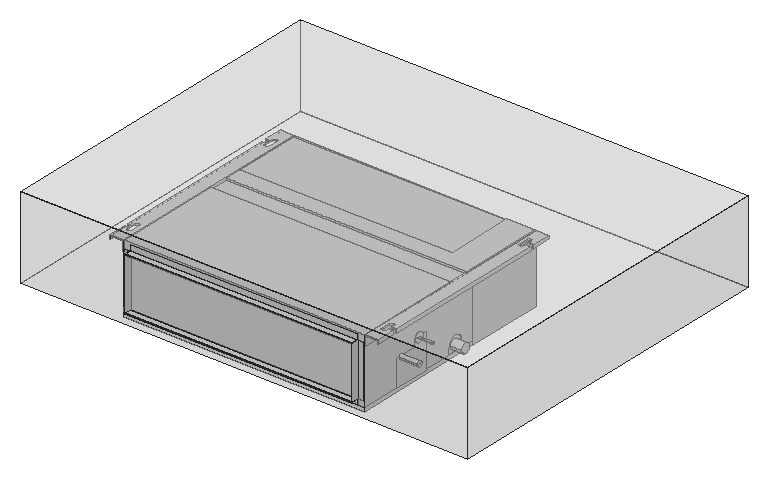
Revit family "outputfile", category 機械設備, Revit 2024
Family settings
  丸型コネクタ寸法 = 半径を使用
  パーツ タイプ = 標準
  OmniClass 番号 = 23.75.10.24.21.27.27
  OmniClass タイトル = Split System Air Conditioning Units
  作業面ベース = いいえ
  常に垂直 = はい
  ロード時にボイドで切り取り = いいえ
  注釈の向きを維持 = いいえ
  共有 = いいえ
  部屋計算ポイント = はい
Parameters (values of type "FXDQ20PDVTS")
  Description = ""
  製造元 = "Daikin"
  書き出し IFC クラス(タイプ) = "IfcUnitaryEquipmentType"
  定義済み IFC タイプ(タイプ) = "AIRCONDITIONINGUNIT"
  Cost = 0
  モデル = "FXDQ20PDVTS"
  Type Comments = ""
  Keynote = ""
  Type Image = (empty or 0)
  Assembly Code = ""
  w_pipe = 33.0 mm
  r_Liquid Pipe Size = Liquid Pipe Size / 2  # 3.2 mm
  r_Gas Pipe Size = Gas Pipe Size / 2  # 6.35 mm
  r_Drain Pipe Size = Drain Pipe Size / 2  # 10.0 mm
  lw_powersupply = 304.0 mm
  lh_suctionflange [instance] = if(Rear Connection_Return Air, 100.0 mm + [h***], 190.0 mm + [h***])  # 100.0 mm
  ld_suctionflange [instance] = if(Rear Connection_Return Air, 190.0 mm, 100.0 mm)  # 190.0 mm
  ld_powersupply = 60.0 mm
  angle_vertical_RA [instance] = if(Rear Connection_Return Air, 90.00°, 0.00°)  # 90.00°
  angle horizontal_RA [instance] = if(Rear Connection_Return Air, 180.00°, 270.00°)  # 180.00°
  Voltage_comment_50Hz = "220-240"
  Voltage_50Hz = 220 V
  URL = ""
  Supply Air Direction [instance] = yes
  Sound Power Level_H speed (dB) = 54
  Rear Connection_Return Air [instance] = not(Bottom Connection_Return Air)  # yes
  RA_length = 190.0 mm  # constant formula
  Phase_50Hz = 1
  Minimum External Static Pressure = 10.00 Pa
  Minimum Circuit Amps_50Hz = 0.7 A
  Maximum Fuse Amps_50Hz = 16.0 A
  Maximum External Static Pressure = 30.00 Pa
  Material_Casing = DAIKIN_GalvanizedSteel_Casing_indoorunit
  lw_liquidpipe = 46.0 mm  # constant formula
  lw_gaspipe = 57.0 mm  # constant formula
  lw_mountinghole_pitch = 740.0 mm  # constant formula
  lw_mountinghole = 20.0 mm  # constant formula
  lw_drainpipe = 33.0 mm  # constant formula
  lh_powersupply = 10.0 mm
  lh_liquidpipe = 110.0 mm
  lh_gaspipe = 87.0 mm
  lh_mountinghole = Height + [h***]  # 200.0 mm
  lh_drainpipe = 30.0 mm
  lh_antena = 1.0 mm  # constant formula
  ld_liquidpipe = 193.0 mm  # constant formula
  ld_gaspipe = 130.0 mm  # constant formula
  ld_mountinghole_pitch = 500.0 mm  # constant formula
  ld_drainpipe = 280.0 mm
  ld_controlbox = 626.0 mm  # constant formula
  h*** = 0.0 mm  # constant formula
  d_dischargeflange = 21.2 mm  # constant formula
  Width = 700.0 mm
  Version = "ver.1.0"
  Unit Type = "Slim Duct (Standard) Type"
  Unit Mass Weight = 23.00 kg
  Unit Designation [instance] = ""
  Uniclass2015Version = "Products v1.30"
  Uniclass2015Title = "Variable refrigerant flow units"
  Uniclass2015Code = "Pr_70_65_03_94"
  Total Heating Capacity [instance] = 0.000 kW
  Total Cooling Capacity [instance] = 0.000 kW
  Sound Pressure Level_M speed (dBA) = 0
  Sound Pressure Level_L speed (dBA) = 23
  Sound Pressure Level_H speed (dBA) = 28
  Series = "VRV Fan Coil Unit"
  Sensible Cooling Capacity [instance] = 0.000 kW
  SA Duct Size Width = 660.0 mm
  SA Duct Size Height = 153.0 mm
  Refrigerant Type = "R410A"
  RA Duct Size Width = 600.0 mm
  RA Duct Size Height = 180.0 mm
  Power Input (Heating) = 0.067 kW
  Power Input (Cooling) = 0.067 kW
  Option Accessory 3 [instance] = ""
  Option Accessory 2 [instance] = ""
  Option Accessory 1 [instance] = ""
  Nominal Heating Capacity = 2.500 kW
  Nominal Cooling Capacity = 2.200 kW
  Minimum Airflow = 384.00 m³/h
  Median Airflow = 432.00 m³/h
  Maximum Airflow = 480.00 m³/h
  Load Classification = HVAC
  Liquid Pipe Size = 6.4 mm
  Link_Nested Family [instance] = ""
  IfcVersion = "0"
  IfcExportType = "AIRCONDITIONINGUNIT"
  IfcExportAs = "IfcUnitaryEquipmentType"
  Height = 200.0 mm
  Heating Entering Wet Bulb Temperature [instance] = 0.00 °C
  Heating Entering Dry Bulb Temperature [instance] = 0.00 °C
  Heating Ambient Wet Bulb Temperature [instance] = 0.00 °C
  Heating Ambient Dry Bulb Temperature [instance] = 0.00 °C
  Heat Exchanger Type = "Cross Fin Coil"
  Gas Pipe Size = 12.7 mm
  Frequency_50Hz = 50 Hz
  Fan Type = "Sirocco Fan"
  Fan Drive = "Direct Drive"
  FCU Tag No. [instance] = ""
  Drain Pipe Size = 20.0 mm
  Design Supply Airflow [instance] = 0.00 m³/h
  Design Return Airflow [instance] = 0.00 m³/h
  Design External Static Pressure [instance] = 0.00 Pa
  Depth = 620.0 mm
  既定の高さ = 0.0 mm
  Cooling Entering Wet Bulb Temperature [instance] = 0.00 °C
  Cooling Entering Dry Bulb Temperature [instance] = 0.00 °C
  Cooling Ambient Wet Bulb Temperature [instance] = 0.00 °C
  Cooling Ambient Dry Bulb Temperature [instance] = 0.00 °C
  Clearance visibility [instance] = yes
  Clearance Top = 20.0 mm
  Clearance Right = 300.0 mm
  Clearance Rear = 400.0 mm
  Clearance Left = 300.0 mm
  Clearance Front = 0.0 mm
  Clearance Bottom = 20.0 mm
  Bottom Connection_Return Air [instance] = no
Reference planes
  plane 1 "Center (Front/Back)": y = 0
  plane 2: z = 0
  plane 3 "Center (Left/Right)": x = 0
  plane 4 "Back": y = 310
  plane 5 "Front": y = -310
  plane 6 "Left": x = -350
  plane 7 "Right": x = 350
  plane 8 "Top": z = 0
  plane 9 "Bottom": z = -200
  plane 10: x = 330
  plane 11: x = -330
  plane 12: z = -190
  plane 13: z = -6
  plane 14: z = -22
  plane 15: z = -90
  plane 16: z = -113
  plane 17: x = -304
  plane 18: x = 304
  plane 19: x = -370
  plane 20: x = 370
  plane 21: y = -250
  plane 22: y = 250
  plane 23: x = -390
  plane 24: x = 390
  plane 25: x = 396
  plane 26: x = 407
  plane 27: x = 383
  plane 28: z = 0
  plane 29: z = -170
  plane 30 "Clearance Left": x = -650
  plane 31 "Clearance Right": x = 650
  plane 32 "Clearance Rear": y = 710
  plane 33 "Clearance Front": y = -310
  plane 34 "Clearance Top": z = 20
  plane 35 "Clearance Bottom": z = -220
  plane 36: z = -21
  plane 37: z = -170
  plane 38: z = -96.5
  plane 39: x = -40
  plane 40: y = -180
  plane 41: y = -117
  plane 42: y = -30
  plane 43: y = 20
  plane 44: z = -97.5
  plane 45: y = -309
  plane 46: x = -349
  plane 47: z = -100
  plane 48: z = -30
  plane 49: y = 210
  plane 50: z = 301
  plane 51: z = -199
  plane 52: y = 120
  plane 53: z = -101
  plane 54: x = 380
  plane 55: z = 11
  plane 56: z = 102.5
Forms (mm)
  Extrusion 1, solid
    sketch origin (0, 0, 0) x (1, 0, 0) y (0, 0, 1)
      loop
        line (-350, -190) -> (-350, -200) -> (350, -200) -> (350, -190) -> (-350, -190)
    from -84 to 310
  Extrusion 2, solid, material "DAIKIN_GalvanizedSteel_Casing_indoorunit" <- "Material_Casing"
    sketch origin (0, 0, 0) x (1, 0, 0) y (0, 1, 0)
      loop
        line (-350, -309) -> (350, -309) -> (350, 310) -> (-350, 310) -> (-350, -309)
    from -200 to 0
  Extrusion 3, void
    sketch origin (0, 0, 1) x (1, 0, 0) y (0, 1, 0)
      loop
        line (-350, 62.179) -> (-350, 4.179) -> (350, 4.179) -> (350, 62.179) -> (-350, 62.179)
    from -1 to -7
  Extrusion 4, void
    sketch origin (0, 0, 0) x (0, 1, 0) y (0, 0, 1)
      loop
        line (-5, -190) -> (45, -190) -> (45, -170)
        arc (45, -170) -> (20, -145) -> (-5, -170) r 25
        line (-5, -170) -> (-5, -190)
    from 350 to 345
  Revolve 5, solid, material "DAIKIN_GalvanizedSteel_Casing_indoorunit" <- "Material_Casing"
    sketch origin (0, 0, -113) x (0, -1, 0) y (1, 0, 0)
      loop
        line (173.65, 351) -> (180, 351) -> (180, 407) -> (173.65, 407) -> (173.65, 351)
      axis (180, 351) -> (180, 407)
    angle from 0 to 360
  Revolve 6, solid, material "DAIKIN_GalvanizedSteel_Casing_indoorunit" <- "Material_Casing"
    sketch origin (0, 0, -90) x (0, -1, 0) y (1, 0, 0)
      loop
        line (117, 351) -> (117, 396) -> (113.8, 396) -> (113.8, 351) -> (117, 351)
      axis (117, 396) -> (117, 351)
    angle from 0 to 360
  Extrusion 7, solid, material "DAIKIN_GalvanizedSteel_Casing_indoorunit" <- "Material_Casing"
    sketch origin (0, 0, 0) x (0, 1, 0) y (0, 0, 1)
      loop
        circle (-116, -90) r 12.7
    from 350 to 355.007
  Extrusion 8, solid, material "DAIKIN_GalvanizedSteel_Casing_indoorunit" <- "Material_Casing"
    sketch origin (0, 0, 0) x (0, 1, 0) y (0, 0, 1)
      loop
        circle (20, -170) r 13
    from 345 to 380
  Extrusion 9, solid, material "DAIKIN_GalvanizedSteel_Casing_indoorunit" <- "Material_Casing"
    sketch origin (0, 0, 0) x (1, 0, 0) y (0, 0, 1)
      loop
        line (-350, -190) -> (-350, -200) -> (350, -200) -> (350, -190) -> (-350, -190)
    from -84 to 310
  Extrusion 10, solid, material "DAIKIN_GalvanizedSteel_Casing_indoorunit" <- "Material_Casing", visible <- "Bottom Connection_Return Air"
    sketch origin (0, 0, 0) x (1, 0, 0) y (0, 0, 1)
      loop
        line (269, -200) -> (269, -1) -> (-349, -1) -> (-349, -200) -> (269, -200)
    from -310 to -309
  Extrusion 11, void
    sketch origin (0, 0, 0) x (1, 0, 0) y (0, 0, 1)
      loop
        line (269, 0) -> (-349, 0) -> (-349, -1) -> (269, -1) -> (269, 0)
    from -310 to -111
  Extrusion 12, solid, material "DAIKIN_GalvanizedSteel_Casing_indoorunit" <- "Material_Casing", visible <- "Rear Connection_Return Air"
    sketch origin (0, 0, 0) x (1, 0, 0) y (0, 1, 0)
      loop
        line (-349, 310) -> (-349, 111) -> (269, 111) -> (269, 310) -> (-349, 310)
    from -200 to -199
  Extrusion 13, solid, material "DAIKIN_GalvanizedSteel_Casing_indoorunit" <- "Material_Casing"
    sketch origin (0, 0, 0) x (0, 1, 0) y (0, 0, 1)
      loop
        line (-194, -113) -> (-194, -190) -> (-88.3, -190) -> (-88.3, -90) -> (-103.3, -90)
        arc (-103.3, -90) -> (-116, -102.7) -> (-128.7, -90) r 12.7
        line (-128.7, -90) -> (-128.7, -113) -> (-173.65, -113)
        arc (-173.65, -113) -> (-180, -119.35) -> (-186.35, -113) r 6.35
        line (-186.35, -113) -> (-194, -113)
    from 351 to 350
  Extrusion 14, solid, material "DAIKIN_GalvanizedSteel_Casing_indoorunit" <- "Material_Casing"
    sketch origin (0, 0, 0) x (0, 1, 0) y (0, 0, 1)
      loop
        line (84, -199) -> (310, -199) -> (310, -22) -> (91, -22) -> (84, -29) -> (84, -199)
    from 351 to 350
Cuts and joins
  Extrusion 3, Extrusion 4, Extrusion 11 cuts Extrusion 2
  Extrusion 4 cuts Extrusion 1
  Extrusion 11 cuts Extrusion 9
Dimensions and locks
  "lh_powersupply": plane 12 to plane 9 "Bottom"
  locked: plane 8 "Top" to plane 13 at 6
  "Height": plane 8 "Top" to plane 9 "Bottom"
  equal spacing: plane 17, plane 3 "Center (Left/Right)", plane 18, locked at 304 each
  locked: plane 17 to plane 18 at 608
  equal spacing: plane 19, plane 3 "Center (Left/Right)", plane 20, locked at 370 each
  "lw_mountinghole_pitch": plane 19 to plane 20
  locked: plane 14 to plane 9 "Bottom" at 178
  "lw_mountinghole": plane 23 to plane 19
  "lh_liquidpipe": plane 15 to plane 9 "Bottom"
  "lh_gaspipe": plane 16 to plane 9 "Bottom"
  "lh_mountinghole": plane 28 to plane 9 "Bottom"
  "ld_mountinghole_pitch": plane 22 to plane 21
  equal spacing: plane 6 "Left", plane 3 "Center (Left/Right)", plane 7 "Right", locked at 350 each
  "Width": plane 6 "Left" to plane 7 "Right"
  "lh_drainpipe": plane 29 to plane 9 "Bottom"
  "Clearance Right": plane 7 "Right" to plane 31 "Clearance Right"
  "Clearance Left": plane 30 "Clearance Left" to plane 6 "Left"
  "lw_gaspipe": plane 7 "Right" to plane 26
  "lw_liquidpipe": plane 7 "Right" to plane 25
  "lw_drainpipe": plane 7 "Right" to plane 27
  "Clearance Rear": plane 32 "Clearance Rear" to plane 4 "Back"
  "Clearance Front": plane 5 "Front" to plane 33 "Clearance Front"
  "Clearance Top": plane 34 "Clearance Top" to plane 8 "Top"
  "Clearance Bottom": plane 9 "Bottom" to plane 35 "Clearance Bottom"
  "ld_powersupply": plane 4 "Back" to plane 22
  "lw_powersupply": plane 3 "Center (Left/Right)" to plane 18
  locked: plane 8 "Top" to plane 36 at 21
  locked: plane 8 "Top" to plane 37 at 170
  locked: plane 40 to plane 41 at 63
  locked: plane 38 to plane 9 "Bottom" at 103.5
  locked: plane 36 to plane 44 at 76.5
  "Depth": plane 4 "Back" to plane 5 "Front"
  equal spacing: plane 4 "Back", plane 1 "Center (Front/Back)", plane 5 "Front"
  locked: plane 45 to plane 5 "Front" at 1
  locked: plane 46 to plane 6 "Left" at 1
  Extrusion 10 sketch curve to Extrusion 10 sketch curve = 199.0 mm
  locked: nested 12 to plane 39 at 300
  locked: plane 12 to plane 47 at 90
  plane 32 "Clearance Rear" to Extrusion 10 = 401.0 mm
  locked: plane 48 to plane 35 "Clearance Bottom" at 190
  locked: plane 49 to nested 13 at 90
  plane 50 to plane 28 = 301.0 mm
  locked: plane 51 to plane 9 "Bottom" at 1
  "ld_suctionflange": plane 4 "Back" to plane 52
  locked: plane 53 to plane 9 "Bottom" at 99
  locked: plane 54 to plane 7 "Right" at 30
  aligned and locked: level to plane 2
  aligned and locked: Extrusion 2 to plane 9 "Bottom"
  aligned and locked: plane 8 "Top" to Extrusion 2
  aligned and locked: Revolve 5 sketch curve to Revolve 5 sketch curve
  aligned and locked: plane 15 to Extrusion 7 sketch curve
  aligned and locked: cut or joined group of Extrusion 1, Extrusion 4 to plane 9 "Bottom"
  aligned and locked: plane 24 to nested 1
  aligned and locked: nested 1 to plane 23
  aligned and locked: plane 25 to nested 6
  aligned and locked: nested 6 to plane 15
  aligned and locked: nested 2 to plane 22
  aligned and locked: plane 20 to nested 2
  aligned and locked: plane 20 to nested 3
  aligned and locked: plane 19 to nested 4
  aligned and locked: plane 22 to nested 5
  aligned and locked: nested 5 to plane 22
  aligned and locked: plane 19 to nested 5
  aligned and locked: plane 22 to nested 11
  aligned and locked: plane 18 to nested 11  (x2)
  aligned and locked: nested 11 to plane 18
  aligned and locked: plane 4 "Back" to nested 11
  aligned and locked: cut or joined group of Extrusion 2, Extrusion 3, Extrusion 4, Extrusion 11 to nested 11
  aligned and locked: nested 11 to plane 12
  aligned and locked: plane 8 "Top" to nested 1
  aligned and locked: Extrusion 9 to plane 5 "Front"
  aligned and locked: Extrusion 9 to plane 9 "Bottom"
  aligned and locked: nested 7 to plane 16
  aligned and locked: plane 4 "Back" to nested 1
  aligned and locked: plane 40 to nested 7
  aligned and locked: plane 41 to nested 6
  aligned and locked: Extrusion 8 sketch curve to plane 43
  aligned and locked: nested 12 to plane 46
  aligned and locked: plane 4 "Back" to Extrusion 11
  aligned and locked: Extrusion 12 to nested 13
  aligned and locked: plane 8 "Top" to Extrusion 3
  aligned and locked: Extrusion 10 to cut or joined group of Extrusion 2, Extrusion 3, Extrusion 4, Extrusion 11
  aligned and locked: plane 9 "Bottom" to Extrusion 12  (x2)
  aligned and locked: Extrusion 12 to plane 51
  aligned and locked: plane 4 "Back" to nested 12
  aligned and locked: Extrusion 11 to level
  aligned and locked: plane 32 "Clearance Rear" to nested 14
  aligned and locked: plane 31 "Clearance Right" to nested 14
  aligned and locked: plane 30 "Clearance Left" to nested 14
  aligned and locked: nested 14 to plane 33 "Clearance Front"
  aligned and locked: nested 14 to plane 34 "Clearance Top"
  aligned and locked: nested 14 to plane 35 "Clearance Bottom"
  aligned and locked: plane 7 "Right" to Extrusion 13
  aligned and locked: plane 4 "Back" to Extrusion 14
  aligned and locked: Extrusion 14 to plane 51
  aligned and locked: plane 7 "Right" to Extrusion 14
  aligned and locked: Extrusion 13 to Revolve 5 sketch curve
  aligned and locked: Extrusion 3 to plane 13
  aligned and locked: plane 52 to nested 15
  aligned and locked: Extrusion 11 to nested 13
  aligned and locked: Extrusion 8 to plane 54
  aligned and locked: nested 8 to plane 54
  aligned and locked: plane 43 to nested 8
  aligned and locked: nested 8 to plane 37
  aligned and locked: nested 10 to plane 1 "Center (Front/Back)"
  aligned and locked: plane 46 to Extrusion 10
  aligned and locked: nested 12 to plane 51
  aligned and locked: plane 3 "Center (Left/Right)" to nested 10
  aligned and locked: plane 13 to nested 16
  aligned and locked: plane 45 to nested 16
  aligned and locked: plane 44 to nested 9
  aligned and locked: level to plane 8 "Top"
Automatic sketch dimensions
  Extrusion 1 sketch curve to plane 6 "Left" = 0.0 mm
  Extrusion 1 sketch curve to plane 7 "Right" = 0.0 mm
  Extrusion 1 sketch curve to plane 9 "Bottom" = 0.0 mm
  Extrusion 1 sketch curve to plane 12 = 0.0 mm
  Extrusion 2 sketch curve to plane 4 "Back" = 0.0 mm
  Extrusion 2 sketch curve to plane 6 "Left" = 0.0 mm
  Extrusion 2 sketch curve to plane 7 "Right" = 0.0 mm
  Extrusion 2 sketch curve to plane 45 = 0.0 mm
  Extrusion 3 sketch curve to plane 6 "Left" = 0.0 mm
  Extrusion 3 sketch curve to plane 7 "Right" = 0.0 mm
  Extrusion 3 sketch curve to plane 1 "Center (Front/Back)" = 4.179 mm
  plane 43 to Extrusion 3 sketch curve = 42.179 mm
  Extrusion 4 sketch curve to plane 37 = 0.0 mm
  Extrusion 4 sketch curve to plane 12 = 0.0 mm
  Extrusion 4 sketch curve to plane 43 = 0.0 mm
  plane 1 "Center (Front/Back)" to Extrusion 4 sketch curve = 5.0 mm
  Revolve 6 sketch curve to plane 25 = 0.0 mm  (x2)
  Revolve 6 sketch curve to plane 41 = 0.0 mm  (x2)
  plane 41 to Revolve 6 sketch curve = 3.2 mm
  plane 7 "Right" to Revolve 6 sketch curve = 1.0 mm
  Revolve 6 sketch curve to Revolve 6 sketch curve = 0.0 mm
  plane 41 to Extrusion 7 sketch curve = 1.0 mm
  Extrusion 8 sketch curve to plane 37 = 0.0 mm
  Extrusion 9 sketch curve to plane 6 "Left" = 0.0 mm
  Extrusion 9 sketch curve to plane 7 "Right" = 0.0 mm
  Extrusion 9 sketch curve to plane 9 "Bottom" = 0.0 mm
  Extrusion 9 sketch curve to plane 12 = 0.0 mm
  plane 46 to Extrusion 10 sketch curve = 0.0 mm
  Extrusion 10 sketch curve to plane 18 = 35.0 mm
  plane 46 to Extrusion 11 sketch curve = 0.0 mm
  Extrusion 11 sketch curve to plane 18 = 35.0 mm
  Extrusion 11 sketch curve to plane 8 "Top" = 1.0 mm
  Extrusion 12 sketch curve to plane 46 = 0.0 mm
  Extrusion 12 sketch curve to plane 4 "Back" = 0.0 mm
  Extrusion 12 sketch curve to plane 18 = 35.0 mm
  plane 43 to Extrusion 12 sketch curve = 91.0 mm
  plane 35 "Clearance Bottom" to Extrusion 11 sketch curve = 220.0 mm
  Extrusion 10 sketch curve to plane 51 = 1.0 mm
  Extrusion 13 sketch curve to plane 12 = 0.0 mm
  Extrusion 13 sketch curve to plane 16 = 0.0 mm
  Extrusion 13 sketch curve to plane 40 = 0.0 mm
  Extrusion 13 sketch curve to plane 15 = 0.0 mm
  Extrusion 13 sketch curve to Extrusion 13 sketch curve = 6.35 mm
  Extrusion 13 sketch curve to Extrusion 13 sketch curve = 7.65 mm
  Extrusion 13 sketch curve to plane 41 = 11.7 mm
  plane 41 to Extrusion 13 sketch curve = 1.0 mm
  Extrusion 13 sketch curve to Extrusion 13 sketch curve = 27.7 mm
  Extrusion 14 sketch curve to plane 51 = 0.0 mm
  Extrusion 14 sketch curve to plane 14 = 0.0 mm
  plane 48 to Extrusion 14 sketch curve = 1.0 mm
  plane 43 to Extrusion 14 sketch curve = 64.0 mm
  Extrusion 14 sketch curve to Extrusion 14 sketch curve = 7.0 mm
  Extrusion 14 sketch curve to plane 4 "Back" = 0.0 mm
  Revolve 5 sketch curve to plane 26 = 0.0 mm
  Revolve 5 sketch curve to plane 40 = 0.0 mm
  Revolve 5 sketch curve to Revolve 5 sketch curve = 1.003 mm  (x2)
  plane 40 to Revolve 5 sketch curve = 6.35 mm
  radius of Extrusion 7 sketch curve = 12.7 mm
  radius of Extrusion 8 sketch curve = 13.0 mm
Nested families
  nested 1: "daikin_hangerfixture_FXDQ-PDVTS" at (0, 0.5, 0), type "daikin_hangerfixture_FXDQ-PDVTS"
  nested 2: "daikin_mountinghole" at (370, 250, -200), l_antenna <- "lh_antena", Link_Nested Family <- "Link_Nested Family", h_mountinghole <- "lh_mountinghole", type "daikin_mountinghole"
    with show yes, l_antenna 1.0 mm, h_mountinghole 200.0 mm, Link_Nested Family ""
  nested 3: "daikin_mountinghole" at (370, -250, -200), Link_Nested Family <- "Link_Nested Family", l_antenna <- "lh_antena", h_mountinghole <- "lh_mountinghole", type "daikin_mountinghole"
    with show yes, l_antenna 1.0 mm, h_mountinghole 200.0 mm, Link_Nested Family ""
  nested 4: "daikin_mountinghole" at (-370, -250, -200), l_antenna <- "lh_antena", Link_Nested Family <- "Link_Nested Family", h_mountinghole <- "lh_mountinghole", type "daikin_mountinghole"
    with show yes, l_antenna 1.0 mm, h_mountinghole 200.0 mm, Link_Nested Family ""
  nested 5: "daikin_mountinghole" at (-370, 250, -200), l_antenna <- "lh_antena", Link_Nested Family <- "Link_Nested Family", h_mountinghole <- "lh_mountinghole", type "daikin_mountinghole"
    with show yes, l_antenna 1.0 mm, h_mountinghole 200.0 mm, Link_Nested Family ""
  nested 6: "daikin_connector_rotate2" at (350, -117, -90) x (0, 1, 0) z (0, 0, 1), length <- "lw_liquidpipe", built-in parameter 1001364 <- "lh_liquidpipe", radius <- "r_Liquid Pipe Size", type "daikin_connector_rotate2"
    with radius 3.2 mm, length 46.0 mm, angle_vertical 90.00°, show_face no
  nested 7: "daikin_connector_rotate2" at (350, -180, -113) x (0, 1, 0) z (0, 0, 1), length <- "lw_gaspipe", built-in parameter 1001364 <- "lh_gaspipe", radius <- "r_Gas Pipe Size", type "daikin_connector_rotate2"
    with radius 6.35 mm, length 57.0 mm, angle_vertical 90.00°, show_face no
  nested 8: "daikin_connector_rotate2" at (347, 20, -170) x (0, 1, 0) z (0, 0, 1), built-in parameter 1001364 <- "lh_drainpipe", length <- "lw_drainpipe", radius <- "r_Drain Pipe Size", type "daikin_connector_rotate2"
    with radius 10.0 mm, length 33.0 mm, angle_vertical 90.00°, show_face no
  nested 9: "daikin_connector_rotate2" at (0, -309, -97.5), length <- "d_dischargeflange", type "daikin_connector_rotate2"
    with radius 10.0 mm, length 21.2 mm, angle_vertical 90.00°, show_face no
  nested 10: "daikin_△_symbolicline" at (-75, -129.904, 200) x (-0.5, 0.866, 0) z (0, 0, 1), built-in parameter 1001364 <- "Height", visible <- "Supply Air Direction", type "daikin_△_symbolicline"
    with length 300.0 mm
  nested 11: "daikin_connector_rotate2" at (304, 250, -190) x (-1, 0, 0) z (0, 0, 1), built-in parameter 1001364 <- "lh_powersupply", length <- "ld_powersupply", type "daikin_connector_rotate2"
    with radius 10.0 mm, length 60.0 mm, angle_vertical 90.00°, show_face no
  nested 12: "daikin_ductflange_FXDQ-PDVTS2" at (-40, 310, -100), visible <- "Rear Connection_Return Air", material <- "Material_Casing", type "daikin_ductflange_FXDQ-PDVTS2"
    with width 620.0 mm, material DAIKIN_GalvanizedSteel_Casing_indoorunit, height 180.0 mm, depth 21.2 mm
  nested 13: "daikin_ductflange_FXDQ-PDVTS2" at (-40, 210, -200) x (1, 0, 0) z (0, 1, 0), visible <- "Bottom Connection_Return Air", material <- "Material_Casing", type "daikin_ductflange_FXDQ-PDVTS2"
    with width 620.0 mm, material DAIKIN_GalvanizedSteel_Casing_indoorunit, height 180.0 mm, depth 21.2 mm
  nested 14: "daikin_clearancespace" at (0, 200, -99.881), visible <- "Clearance visibility", show <- "Clearance visibility", Link_Nested Family <- "Link_Nested Family", type "daikin_clearancespace"
    with width 1300.0 mm, show yes, height 240.0 mm, depth 1020.0 mm, Link_Nested Family ""
  nested 15: "daikin_connector_rotate3" at (-40, 120, -100), built-in parameter 1001364 <- "lh_suctionflange", angle_vertical <- "angle_vertical_RA", angle_horizontal <- "angle horizontal_RA", length <- "RA_length", type "daikin_connector_rotate3"
    with show no, radius 10.0 mm, length 190.0 mm, angle_vertical 90.00°, angle_horizontal 180.00°
  nested 16: "daikin_ductflange_FXDQ-PDVTS" at (0, 4.5, -364.201), type "daikin_ductflange_FXDQ-PDVTS"
    with width 660.0 mm, material DAIKIN_GalvanizedSteel_Casing_indoorunit, height 155.0 mm, depth 21.2 mm
Connectors
  piping at (407, -180, -113), diameter 12.7, driven by "r_Gas Pipe Size"
    settings: on nested 7, index 1, connector inside diameter 609.6 mm, connector length 0.0 mm, flow factor 0, pipe flow 0.00 m³/h, pressure drop 0.0 Pa, fitting loss kfactor 0, connector angle 0.00°, fixture units 0, engagement length 0.0 mm, angle of deflection 0.00°, flow configuration 1, flow direction 2, fitting loss method 0, system type 29, joint type 0, gender type 0, connector reference index -1, connector utility 0, adjustable connector no, is connector primary yes, connector description "Refrigerant Gas Piping"
  piping at (396, -117, -90), diameter 6.4, driven by "r_Liquid Pipe Size"
    settings: on nested 6, index 2, connector inside diameter 609.6 mm, connector length 0.0 mm, flow factor 0, pipe flow 0.00 m³/h, pressure drop 0.0 Pa, fitting loss kfactor 0, connector angle 0.00°, fixture units 0, engagement length 0.0 mm, angle of deflection 0.00°, flow configuration 1, flow direction 1, fitting loss method 0, system type 29, joint type 0, gender type 0, connector reference index -1, connector utility 0, adjustable connector no, is connector primary no, connector description "Refrigerant Liquid Piping"
  piping at (380, 20, -170), diameter 20, driven by "r_Drain Pipe Size"
    settings: on nested 8, index 3, connector inside diameter 609.6 mm, connector length 0.0 mm, flow factor 0, pipe flow 0.00 m³/h, pressure drop 0.0 Pa, fitting loss kfactor 0, connector angle 0.00°, fixture units 0, engagement length 0.0 mm, angle of deflection 0.00°, flow configuration 1, flow direction 2, fitting loss method 4, system type 16, joint type 0, gender type 0, connector reference index -1, connector utility 0, adjustable connector no, is connector primary no, connector description "Condensate Drain Piping"
  hvac at (0, -330.2, -97.5), driven by "SA Duct Size Height", driven by "SA Duct Size Width"
    settings: on nested 9, index 7, duct flow 0.00 m³/h, flow factor 0, pres drop 0.00 Pa, loss coef 0, conn angle 0.00°, conn width 660.0 mm, conn height 153.0 mm, conn diameter 609.6 mm, duct sys type 1, conn prof type 1, flow config 0, flow direction 2, loss method 4, conn ref index -1, conn util no, is conn primary yes, conn desc "SA Duct"
  electrical at (304, 310, -190), driven by "Load Classification"
    settings: on nested 11, index 9, voltage 0 V, apparent load 0 VA, apparent load phase1 0 VA, apparent load phase2 0 VA, apparent load phase3 0 VA, power factor 1, load classification "HVAC", number of poles 1, system type 30, power factor state 1, is connector primary yes, connector utility no, sub classification motor no, connector description "Power Supply"
  hvac at (-40, 310, -100), driven by "RA Duct Size Height", driven by "RA Duct Size Width"
    settings: on nested 15, index 10, duct flow 0.00 m³/h, flow factor 0, pres drop 0.00 Pa, loss coef 0, conn angle 0.00°, conn width 600.0 mm, conn height 180.0 mm, conn diameter 609.6 mm, duct sys type 2, conn prof type 1, flow config 0, flow direction 1, loss method 4, conn ref index -1, conn util no, is conn primary no, conn desc "RA Duct"
Definition of nested family "daikin_hangerfixture_FXDQ-PDVTS"
  Parameters (values of type "daikin_hangerfixture_FXDQ-PDVE")
    width = 48.0 mm
    material = none
    height = 65.0 mm
    depth = 619.0 mm
    Default Elevation = 0.0 mm
  Reference planes
    plane 1 "Center (Front/Back)": y = 0
    plane 2: z = 0
    plane 3 "Center (Left/Right)": x = 0
    plane 4: x = 350
    plane 5: y = 309.5
    plane 6: y = -309.5
  Forms (mm)
    Extrusion 1, solid, material <- "material"
      sketch origin (0, 0, 0) x (1, 0, 0) y (0, 0, 1)
        loop
          line (350, 0) -> (350, -30) -> (352.3, -30) -> (352.3, -2.3) -> (387.7, -2.3) -> (387.7, -10) -> (390, -10) -> (390, 0) -> (350, 0)
      from -309.5 to 309.5
    Extrusion 2, void
      sketch origin (0, 0, 0) x (0, 1, 0) y (0, 0, 1)
        loop
          line (309.5, -30) -> (309.5, -17.979) -> (87.935, -17.979) -> (75.914, -30) -> (309.5, -30)
      from 0 to 618
    Extrusion 3, void
      sketch origin (0, 0, 0) x (1, 0, 0) y (0, 1, 0)
        loop
          line (390, -244) -> (377, -244) -> (377, -237.5)
          arc (377, -237.5) -> (370, -230.5) -> (363, -237.5) r 7
          line (363, -237.5) -> (363, -263.5)
          arc (363, -263.5) -> (370, -270.5) -> (377, -263.5) r 7
          line (377, -263.5) -> (377, -257) -> (390, -257) -> (390, -244)
        loop
          line (390, 243) -> (390, 256) -> (377, 256) -> (377, 262.5)
          arc (377, 262.5) -> (370, 269.5) -> (363, 262.5) r 7
          line (363, 262.5) -> (363, 236.5)
          arc (363, 236.5) -> (370, 229.5) -> (377, 236.5) r 7
          line (377, 236.5) -> (377, 243) -> (390, 243)
      from -254.96 to 618
    Extrusion 4, solid, material <- "material"
      sketch origin (0, 0, 0) x (-1, 0, 0) y (0, 0, -1)
        loop
          line (350, 0) -> (390, 0) -> (390, 10) -> (387.7, 10) -> (387.7, 2.3) -> (352.3, 2.3) -> (352.3, 30) -> (350, 30) -> (350, 0)
      from -309.5 to 309.5
    Extrusion 5, void
      sketch origin (0, 0, 0) x (-1, 0, 0) y (0, -1, 0)
        loop
          line (390, 244) -> (390, 257) -> (377, 257) -> (377, 263.5)
          arc (377, 263.5) -> (370, 270.5) -> (363, 263.5) r 7
          line (363, 263.5) -> (363, 237.5)
          arc (363, 237.5) -> (370, 230.5) -> (377, 237.5) r 7
          line (377, 237.5) -> (377, 244) -> (390, 244)
        loop
          line (390, -243) -> (377, -243) -> (377, -236.5)
          arc (377, -236.5) -> (370, -229.5) -> (363, -236.5) r 7
          line (363, -236.5) -> (363, -262.5)
          arc (363, -262.5) -> (370, -269.5) -> (377, -262.5) r 7
          line (377, -262.5) -> (377, -256) -> (390, -256) -> (390, -243)
      from -254.96 to 618
  Cuts and joins
    Extrusion 2, Extrusion 3, Extrusion 5 cuts Extrusion 1
    Extrusion 5 cuts Extrusion 4
  Dimensions and locks
    locked: plane 4 to plane 3 "Center (Left/Right)" at 350
    equal spacing: plane 5, plane 1 "Center (Front/Back)", plane 6
    "depth": plane 5 to plane 6
    locked: plane 3 "Center (Left/Right)" to plane 4 at 350
    plane 6 to plane 1 "Center (Front/Back)" to plane 5 = 309.5 mm, 309.5 mm
    aligned and locked: level to plane 2
    aligned and locked: plane 5 to Extrusion 1
    aligned and locked: Extrusion 1 to plane 6
    aligned and locked: Extrusion 1 to plane 4
    aligned and locked: plane 5 to cut or joined group of Extrusion 1, Extrusion 2, Extrusion 3, Extrusion 5
    aligned and locked: cut or joined group of Extrusion 1, Extrusion 2, Extrusion 3, Extrusion 5 to plane 6
    aligned and locked: level to cut or joined group of Extrusion 1, Extrusion 2, Extrusion 3, Extrusion 5
    aligned and locked: plane 5 to cut or joined group of Extrusion 4, Extrusion 5
    aligned and locked: cut or joined group of Extrusion 4, Extrusion 5 to plane 6
  Automatic sketch dimensions
    Extrusion 1 sketch curve to plane 4 = 0.0 mm
    Extrusion 1 sketch curve to level = 0.0 mm
    plane 4 to Extrusion 1 sketch curve = 2.3 mm
    Extrusion 1 sketch curve to level = 2.3 mm
    Extrusion 1 sketch curve to Extrusion 1 sketch curve = 35.4 mm
    Extrusion 1 sketch curve to Extrusion 1 sketch curve = 2.3 mm
    Extrusion 1 sketch curve to Extrusion 1 sketch curve = 7.7 mm
    Extrusion 1 sketch curve to Extrusion 1 sketch curve = 27.7 mm
    Extrusion 2 sketch curve to plane 5 = 0.0 mm
    Extrusion 2 sketch curve to level = 17.979 mm
    Extrusion 2 sketch curve to plane 1 "Center (Front/Back)" = 87.935 mm
    Extrusion 2 sketch curve to level = 30.0 mm
    Extrusion 2 sketch curve to Extrusion 2 sketch curve = 12.021 mm
    plane 4 to Extrusion 3 sketch curve = 13.0 mm  (x2)
    Extrusion 3 sketch curve to Extrusion 3 sketch curve = 7.0 mm  (x4)
    Extrusion 3 sketch curve to Extrusion 3 sketch curve = 13.0 mm  (x4)
    plane 6 to Extrusion 3 sketch curve = 46.0 mm
    Extrusion 3 sketch curve to Extrusion 3 sketch curve = 6.5 mm  (x4)
    Extrusion 3 sketch curve to plane 5 = 73.0 mm
    Extrusion 4 sketch curve to level = 0.0 mm
    Extrusion 4 sketch curve to level = 30.0 mm
    Extrusion 4 sketch curve to plane 3 "Center (Left/Right)" = 350.0 mm
    Extrusion 4 sketch curve to Extrusion 4 sketch curve = 2.3 mm  (x2)
    Extrusion 4 sketch curve to level = 2.3 mm
    Extrusion 4 sketch curve to Extrusion 4 sketch curve = 35.4 mm
    Extrusion 4 sketch curve to Extrusion 4 sketch curve = 7.7 mm
    Extrusion 5 sketch curve to plane 5 = 73.0 mm
    Extrusion 5 sketch curve to plane 3 "Center (Left/Right)" = 363.0 mm  (x2)
    plane 6 to Extrusion 5 sketch curve = 72.0 mm
    Extrusion 5 sketch curve to Extrusion 5 sketch curve = 7.0 mm  (x4)
    Extrusion 5 sketch curve to Extrusion 5 sketch curve = 13.0 mm  (x4)
    Extrusion 5 sketch curve to Extrusion 5 sketch curve = 6.5 mm  (x4)
Definition of nested family "daikin_ductflange_FXDQ-PDVTS2"
  Parameters (values of type "daikin_ductflange_FXDQ-PDVE2")
    width [instance] = 620.0 mm
    material [instance] = none
    height [instance] = 180.0 mm
    depth [instance] = 21.2 mm
    Default Elevation = 0.0 mm
  Reference planes
    plane 1 "Center (Front/Back)": y = 0
    plane 2: z = 0
    plane 3 "Center (Left/Right)": x = 0
    plane 4: y = -313.5
    plane 5: y = -334.7
    plane 6: x = -310
    plane 7: x = 310
    plane 8: z = 90
    plane 9: z = -90
    plane 10: z = 100
    plane 11: z = -100
    plane 12: x = -309
    plane 13: x = 309
  Forms (mm)
    Extrusion 1, solid, material <- "material"
      sketch origin (0, 0, 0) x (1, 0, 0) y (0, 0, 1)
        loop
          line (-300, 90) -> (-300, -90) -> (300, -90) -> (300, 90) -> (-300, 90)
        loop
          line (-309, -99) -> (309, -99) -> (309, 99) -> (-309, 99) -> (-309, -99)
      from 0 to 1
  Dimensions and locks
    plane 4 to plane 1 "Center (Front/Back)" = 313.5 mm
    "depth": plane 5 to plane 4
    equal spacing: plane 7, plane 3 "Center (Left/Right)", plane 6, locked at 310 each
    "width": plane 7 to plane 6
    equal spacing: plane 8, level, plane 9, locked at 90 each
    "height": plane 8 to plane 9
    equal spacing: plane 10, level, plane 11, locked at 100 each
    locked: plane 10 to plane 11 at 200
    plane 12 to plane 6 = 1.0 mm
    locked: plane 7 to plane 13 at 1
    locked: Extrusion 1 sketch curve to Extrusion 1 sketch curve at 9  (x4)
    locked: plane 10 to Extrusion 1 sketch curve at 1
    locked: Extrusion 1 sketch curve to plane 11 at 1
    aligned and locked: level to plane 2
  Automatic sketch dimensions
    plane 6 to Extrusion 1 sketch curve = 1.0 mm
    Extrusion 1 sketch curve to plane 7 = 1.0 mm
Definition of nested family "daikin_clearancespace"
  Parameters (values of type "daikin_clearancespace")
    width [instance] = 1823.963 mm
    show [instance] = yes
    material = none
    height [instance] = 1359.762 mm
    depth [instance] = 880.0 mm
    Default Elevation = 0.0 mm
    Link_Nested Family [instance] = ""
  Reference planes
    plane 1 "Center (Front/Back)": y = 0
    plane 2 "Center (Elevation)": z = -0.119
    plane 3 "Center (Left/Right)": x = 0
    plane 4: y = 440
    plane 5: y = -440
    plane 6 "Right": x = 911.982
    plane 7 "Left": x = -911.982
    plane 8 "Top": z = 679.762
    plane 9 "Bottom": z = -680
  Forms (mm)
    Extrusion 1, solid, material <- "material", visible <- "show"
      sketch origin (0, 0, 0) x (1, 0, 0) y (0, 1, 0)
        loop
          line (-911.982, 440) -> (-911.982, -440) -> (911.982, -440) -> (911.982, 440) -> (-911.982, 440)
      from -680 to 679.762
  Lines and regions (mm)
    symbolic lines, visible <- "show"
      curve 1: line (911.982, 440, 0) -> (-911.982, 440, 0)
      curve 2: line (-911.982, 440, 0) -> (-911.982, -440, 0)
      curve 3: line (-911.982, -440, 0) -> (911.982, -440, 0)
      curve 4: line (911.982, -440, 0) -> (911.982, 440, 0)
      curve 5: line (911.982, 0, 679.762) -> (-911.982, 0, 679.762)
      curve 6: line (911.982, 0, -680) -> (911.982, 0, 679.762)
      curve 7: line (-911.982, 0, -680) -> (911.982, 0, -680)
      curve 8: line (-911.982, 0, 679.762) -> (-911.982, 0, -680)
      curve 9: line (0, 440, 679.762) -> (0, -440, 679.762)
      curve 10: line (0, -440, 679.762) -> (0, -440, -680)
      curve 11: line (0, 440, -680) -> (0, 440, 679.762)
      curve 12: line (0, -440, -680) -> (0, 440, -680)
  Dimensions and locks
    "width": plane 7 "Left" to plane 6 "Right"
    "depth": plane 4 to plane 5
    "height": plane 8 "Top" to plane 9 "Bottom"
    equal spacing: plane 7 "Left", plane 3 "Center (Left/Right)", plane 6 "Right"
    equal spacing: plane 4, plane 1 "Center (Front/Back)", plane 5
    equal spacing: plane 8 "Top", plane 2 "Center (Elevation)", plane 9 "Bottom"
    aligned and locked: level to plane 2 "Center (Elevation)"
    aligned and locked: Extrusion 1 sketch curve to plane 4
    aligned and locked: plane 7 "Left" to Extrusion 1 sketch curve
    aligned and locked: Extrusion 1 sketch curve to plane 5
    aligned and locked: Extrusion 1 sketch curve to plane 6 "Right"
    aligned and locked: plane 8 "Top" to Extrusion 1
    aligned and locked: curve 1 to Extrusion 1
    aligned and locked: curve 2 to Extrusion 1
    aligned and locked: curve 3 to Extrusion 1
    aligned and locked: curve 4 to Extrusion 1
    aligned and locked: curve 5 to Extrusion 1
    aligned and locked: curve 6 to Extrusion 1
    aligned and locked: curve 7 to Extrusion 1
    aligned and locked: curve 8 to Extrusion 1
    aligned and locked: curve 9 to Extrusion 1
    aligned and locked: curve 10 to Extrusion 1
    aligned and locked: curve 11 to Extrusion 1
    aligned and locked: curve 12 to Extrusion 1
    aligned and locked: Extrusion 1 to plane 9 "Bottom"
Definition of nested family "daikin_ductflange_FXDQ-PDVTS"
  Parameters (values of type "daikin_ductflange_FXDQ-PDVET")
    width [instance] = 660.0 mm
    material [instance] = none
    height [instance] = 155.0 mm
    depth [instance] = 21.2 mm
    Default Elevation = 0.0 mm
  Reference planes
    plane 1 "Center (Front/Back)": y = 0
    plane 2: z = 189.201
    plane 3 "Center (Left/Right)": x = 0
    plane 4: y = -313.5
    plane 5: x = -330
    plane 6: x = 330
    plane 7: y = -334.7
    plane 8: z = 344.201
    plane 9: z = 266.701
    plane 10: z = 343.201
    plane 11: z = 190.201
  Forms (mm)
    Extrusion 1, solid, material <- "material"
      sketch origin (0, 0, 189.201) x (1, 0, 0) y (0, 1, 0)
        loop
          line (-330, -334.7) -> (-330, -313.5) -> (-348, -313.5) -> (-348, -314.5) -> (-331, -314.5) -> (-331, -334.7) -> (-330, -334.7)
        loop
          line (330, -334.7) -> (331, -334.7) -> (331, -314.5) -> (348, -314.5) -> (348, -313.5) -> (330, -313.5) -> (330, -334.7)
      from 1 to 154
    Extrusion 2, solid, material <- "material"
      sketch origin (0, 0, 0) x (0, 1, 0) y (0, 0, 1)
        loop
          line (-313.5, 343.201) -> (-313.5, 358.201) -> (-314.5, 358.201) -> (-314.5, 344.201) -> (-334.7, 344.201) -> (-334.7, 343.201) -> (-313.5, 343.201)
        loop
          line (-313.5, 190.201) -> (-334.7, 190.201) -> (-334.7, 189.201) -> (-314.5, 189.201) -> (-314.5, 175.201) -> (-313.5, 175.201) -> (-313.5, 190.201)
      from -330 to 330
  Dimensions and locks
    plane 4 to plane 1 "Center (Front/Back)" = 313.5 mm
    "depth": plane 7 to plane 4
    equal spacing: plane 8, plane 9, level
    "height": plane 8 to level
    equal spacing: plane 6, plane 3 "Center (Left/Right)", plane 5, locked at 330 each
    "width": plane 6 to plane 5
    plane 5 to plane 6 = 660.0 mm
    locked: Extrusion 1 sketch curve to Extrusion 1 sketch curve at 660
    locked: plane 8 to plane 10 at 1
    locked: plane 11 to level at 1
    locked: Extrusion 1 to Extrusion 2 sketch curve at 1
    locked: Extrusion 2 sketch curve to Extrusion 1 at 1
    locked: Extrusion 1 sketch curve to Extrusion 1 sketch curve at 1  (x2)
    aligned and locked: level to plane 2
    aligned and locked: plane 4 to Extrusion 1  (x2)
    aligned and locked: plane 5 to Extrusion 1
    aligned and locked: Extrusion 1 to plane 7  (x2)
    aligned and locked: Extrusion 1 to plane 6
    aligned and locked: Extrusion 1 to plane 10
    aligned and locked: Extrusion 1 to plane 11
    aligned and locked: plane 10 to Extrusion 1
    aligned and locked: plane 11 to Extrusion 1
    aligned and locked: Extrusion 2 to plane 5
    aligned and locked: plane 5 to Extrusion 2
    aligned and locked: plane 6 to Extrusion 2
    aligned and locked: Extrusion 2 to plane 6
    aligned and locked: Extrusion 2 to plane 11
    aligned and locked: Extrusion 2 to plane 10
  Automatic sketch dimensions
    Extrusion 1 sketch curve to plane 4 = 0.0 mm  (x2)
    Extrusion 1 sketch curve to plane 7 = 0.0 mm  (x2)
    Extrusion 1 sketch curve to plane 5 = 0.0 mm
    Extrusion 1 sketch curve to plane 5 = 1.0 mm
    Extrusion 1 sketch curve to Extrusion 1 sketch curve = 17.0 mm  (x2)
    plane 6 to Extrusion 1 sketch curve = 1.0 mm
    Extrusion 2 sketch curve to plane 7 = 0.0 mm  (x2)
    Extrusion 2 sketch curve to plane 4 = 0.0 mm  (x2)
    Extrusion 2 sketch curve to plane 11 = 0.0 mm
    Extrusion 2 sketch curve to plane 10 = 0.0 mm
    Extrusion 2 sketch curve to plane 4 = 1.0 mm  (x2)
    Extrusion 2 sketch curve to level = 14.0 mm
    plane 8 to Extrusion 2 sketch curve = 14.0 mm
Definition of nested family "daikin_mountinghole"
  Parameters (values of type "daikin_mountinghole")
    Default Elevation = 1219.2 mm
    Type Comments = "mountinghole"
    show [instance] = yes
    material = none
    l_centerline = 100.0 mm
    l_antenna [instance] = 100.0 mm
    h_mountinghole [instance] = 0.0 mm
    d_circle = 30.0 mm
    Link_Nested Family [instance] = ""
  Reference planes
    plane 1 "Center (Front/Back)": y = 0
    plane 2: z = 0
    plane 3 "Center (Left/Right)": x = 0
    plane 4: y = 50
    plane 5: x = -50
    plane 6: x = 50
    plane 7: y = -50
    plane 8 "h_mountinghole": z = 0
    plane 9: z = 100
  Lines and regions (mm)
    model lines, detail levels fine
      curve 1: circle (0, 0, 0) r 15 normal (0, 0, 1)
      curve 2: line (-50, 0, 0) -> (50, 0, 0)
      curve 3: line (0, 50, 0) -> (0, -50, 0)
    symbolic lines, detail levels fine
      curve 4: circle (0, 0, 0) r 15 normal (0, 0, 1)
      curve 5: line (-50, 0, 0) -> (50, 0, 0)
      curve 6: line (0, 50, 0) -> (0, -50, 0)
    model lines
      curve 7: line (0, 0, 100) -> (0, 0, 0)
  Dimensions and locks
    equal spacing: plane 4, plane 1 "Center (Front/Back)", plane 7
    "l_centerline": plane 4 to plane 7
    equal spacing: plane 5, plane 3 "Center (Left/Right)", plane 6
    "l_centerline": plane 5 to plane 6
    "l_antenna": plane 9 to plane 8 "h_mountinghole"
    "h_mountinghole": plane 8 "h_mountinghole" to plane 2
    "d_circle": diameter of curve 1
    "d_circle": diameter of curve 4
    aligned and locked: level to plane 2
    aligned and locked: plane 1 "Center (Front/Back)" to curve 1
    aligned and locked: plane 3 "Center (Left/Right)" to curve 1
    aligned and locked: plane 1 "Center (Front/Back)" to curve 2
    aligned and locked: curve 3 to plane 3 "Center (Left/Right)"
    aligned and locked: plane 6 to curve 2
    aligned and locked: plane 5 to curve 2
    aligned and locked: plane 4 to curve 3
    aligned and locked: plane 7 to curve 3
    aligned and locked: plane 1 "Center (Front/Back)" to curve 4
    aligned and locked: plane 3 "Center (Left/Right)" to curve 4
    aligned and locked: plane 6 to curve 5
    aligned and locked: plane 5 to curve 5
    aligned and locked: plane 1 "Center (Front/Back)" to curve 5
    aligned and locked: plane 4 to curve 6
    aligned and locked: plane 7 to curve 6
    aligned and locked: curve 6 to plane 3 "Center (Left/Right)"
    aligned and locked: curve 7 to plane 3 "Center (Left/Right)"
    aligned and locked: plane 9 to curve 7
    aligned and locked: plane 8 "h_mountinghole" to curve 7
Definition of nested family "daikin_connector_rotate2"
  Parameters (values of type "daikin_connector_rotate2")
    show_face = yes
    radius [instance] = 10.0 mm
    length [instance] = 600.0 mm
    d_surface = 10.0 mm
    angle_vertical [instance] = 90.00°
    Default Elevation = 0.0 mm
  Reference planes
    plane 1 "Center (Front/Back)": y = 0
    plane 2: z = 0
    plane 3 "Center (Left/Right)": x = 0
  Forms (mm)
    Extrusion 1, solid, visible <- "show_face"
      sketch origin (0, -600, 0) x (1, 0, 0) y (0, 0, 1)
        loop
          circle (0, 0) r 10
      from 0 to -10
  Lines and regions (mm)
    reference lines
      curve 1: line (0, 0, 0) -> (0, -600, 0)
    symbolic lines
      curve 2: circle (0, 0, 0) r 5 normal (0, 0, 1)
    model lines, visible <- "show_face"
      curve 3: line (0, 0, 0) -> (0, -600, 0)
  Dimensions and locks
    "length": curve 1 to curve 1
    "length": curve 3 to curve 3
    "d_surface": Extrusion 1 to Extrusion 1
    "radius": radius of Extrusion 1 sketch curve
    "angle_vertical": angle curve 1 to plane 1 "Center (Front/Back)"
    "angle_vertical": angle curve 3 to plane 1 "Center (Front/Back)"
    aligned and locked: level to plane 2
    aligned and locked: plane 1 "Center (Front/Back)" to curve 1
    aligned and locked: plane 2 to curve 1
    aligned and locked: plane 1 "Center (Front/Back)" to curve 2
    aligned and locked: plane 3 "Center (Left/Right)" to curve 2
    aligned and locked: plane 1 "Center (Front/Back)" to curve 3
    aligned and locked: plane 2 to curve 3
    aligned and locked: Extrusion 1 to Extrusion 1
  Automatic sketch dimensions
    Extrusion 1 sketch curve to level = 0.0 mm
    Extrusion 1 sketch curve to plane 3 "Center (Left/Right)" = 0.0 mm
    radius of curve 2 = 5.0 mm
Definition of nested family "daikin_△_symbolicline"
  Parameters (values of type "daikin_△_symbolicline")
    length [instance] = 500.0 mm
    Default Elevation = 0.0 mm
  Reference planes
    plane 1 "Center (Front/Back)": y = 0
    plane 2: z = 0
    plane 3 "Center (Left/Right)": x = 0
  Lines and regions (mm)
    symbolic lines
      curve 1: line (0, -433.013, 0) -> (250, 0, 0)
      curve 2: line (250, 0, 0) -> (-250, 0, 0)
      curve 3: line (-250, 0, 0) -> (0, -433.013, 0)
  Dimensions and locks
    equal spacing: curve 3, plane 3 "Center (Left/Right)", curve 2
    "length": curve 3 to curve 2
    "length": curve 3 to curve 3
    "length": curve 1 to curve 1
    aligned and locked: level to plane 2
    aligned and locked: curve 2 to plane 1 "Center (Front/Back)"
    aligned and locked: plane 3 "Center (Left/Right)" to curve 3
Definition of nested family "daikin_connector_rotate3"
  Parameters (values of type "daikin_connector_rotate3")
    Default Elevation = 1219.2 mm
    show [instance] = yes
    radius [instance] = 10.0 mm
    length [instance] = 600.0 mm
    angle_horizontal [instance] = 60.00°
    angle_vertical [instance] = 90.00°
  Reference planes
    plane 1 "Center (Front/Back)": y = 0
    plane 2: z = 0
    plane 3 "Center (Left/Right)": x = 0
  Dimensions and locks
    "angle_horizontal": angle plane 3 "Center (Left/Right)" to nested 1
    aligned and locked: level to plane 2
    aligned and locked: plane 1 "Center (Front/Back)" to nested 1  (x2)
    aligned and locked: plane 3 "Center (Left/Right)" to nested 1
  Nested families
    nested 1: "daikin_connector_rotate2" at (0, 0, 0) x (0.5, 0.866, 0) z (0, 0, 1), angle_vertical <- "angle_vertical", length <- "length", radius <- "radius", type "daikin_connector_rotate2"
      with radius 10.0 mm, length 600.0 mm, angle_vertical 90.00°
  Definition of nested family "daikin_connector_rotate2"
    Parameters (values of type "daikin_connector_rotate2")
      show_face = yes
      radius [instance] = 10.0 mm
      length [instance] = 600.0 mm
      d_surface = 10.0 mm
      angle_vertical [instance] = 90.00°
      Default Elevation = 0.0 mm
    Reference planes
      plane 1 "Center (Front/Back)": y = 0
      plane 2: z = 0
      plane 3 "Center (Left/Right)": x = 0
    Forms (mm)
      Extrusion 1, solid, visible <- "show_face"
        sketch origin (0, -600, 0) x (1, 0, 0) y (0, 0, 1)
          loop
            circle (0, 0) r 10
        from 0 to -10
    Lines and regions (mm)
      reference lines
        curve 1: line (0, 0, 0) -> (0, -600, 0)
      symbolic lines
        curve 2: circle (0, 0, 0) r 5 normal (0, 0, 1)
      model lines, visible <- "show_face"
        curve 3: line (0, 0, 0) -> (0, -600, 0)
    Dimensions and locks
      "length": curve 1 to curve 1
      "length": curve 3 to curve 3
      "d_surface": Extrusion 1 to Extrusion 1
      "radius": radius of Extrusion 1 sketch curve
      "angle_vertical": angle curve 1 to plane 1 "Center (Front/Back)"
      "angle_vertical": angle curve 3 to plane 1 "Center (Front/Back)"
      aligned and locked: level to plane 2
      aligned and locked: plane 1 "Center (Front/Back)" to curve 1
      aligned and locked: plane 2 to curve 1
      aligned and locked: plane 1 "Center (Front/Back)" to curve 2
      aligned and locked: plane 3 "Center (Left/Right)" to curve 2
      aligned and locked: plane 1 "Center (Front/Back)" to curve 3
      aligned and locked: plane 2 to curve 3
      aligned and locked: Extrusion 1 to Extrusion 1
    Automatic sketch dimensions
      Extrusion 1 sketch curve to level = 0.0 mm
      Extrusion 1 sketch curve to plane 3 "Center (Left/Right)" = 0.0 mm
      radius of curve 2 = 5.0 mm
